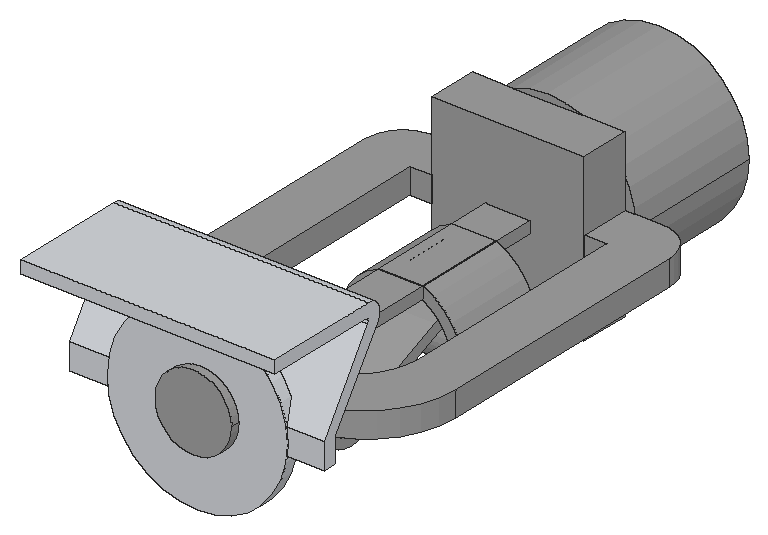
Revit family
Parameters (values of type "RASCO G HSW")
  Temperature Rating = 165 °F
  Response = (empty or 0)
  RASCO SIN # = "R1235"
  RASCO Part # = "GH1B"
  Pressure Rating = "175 PSI"
  Pressure Class = (empty or 0)
  Orifice Size = 1/2"
  Orifice = (empty or 0)
  Model = "G"
  Manufacturer = "RASCO"
  K-Factor = 5.62
  Description = "Brz. Finish"
  Coverage = (empty or 0)
Reference planes (in)
  plane 1 "Center (Front/Back)": y = 0
  plane 2: z = 0
  plane 3 "Center (Left/Right)": x = 0
Dimensions and locks (in)
  aligned and locked: plane 2 to level
Nested families (in)
  nested 1: "GH1B" at (0, -0.10618, -0.84707), type "RASCO G HSW"
Connectors (in)
  piping at (-0.0055, 1.33132, 0.59043)
    settings: on nested 1, index 1, connector radius 0.43", flow factor 0, pipe flow 0 GPM, pressure drop 0.00 psi, fitting loss kfactor 0, connector angle 0.00°, fixture units 0, flow configuration 0, flow direction 0, fitting loss method 0, system type 7, connector reference index -1, connector utility 0, adjustable connector no, is connector primary yes, fitting loss table "", connector description ""
Definition of nested family "GH1B"
  Parameters (values of type "RASCO G HSW")
    Type Comments = ""
    Temperature Rating = 0 °F
    Response = (empty or 0)
    Pressure Rating = "0"
    Pressure Class = (empty or 0)
    Orifice Size = 0"
    Orifice = (empty or 0)
    Model = ""
    Manufacturer = ""
    K-Factor = 0
    Description = ""
    Coverage = (empty or 0)
    Assembly Code = ""
  Reference planes (in)
    plane 1 "Center (Front/Back)": y = 0
    plane 2: z = 0
    plane 3: x = -0.38065
    plane 4: x = 0.36935
    plane 5 "center": x = -0.00574
  Forms (in)
    Extrusion 1, solid, material "Default"
      sketch origin (-0.0055, 1.4375, 1.4375) x (-1, 0, 0) y (0, 0, -1)
        loop
          circle (0, 0) r 0.438
      from 0 to 0.6875
    Extrusion 2, solid, material "Default"
      sketch origin (0.11634, 0.75, 1.38573) x (-1, 0, 0) y (0, 0, -1)
        loop
          line (-0.2588, 0.356) -> (-0.2588, -0.4565) -> (0.4912, -0.4565) -> (0.4912, 0.356) -> (-0.2588, 0.356)
      from 0 to 0.25
    Extrusion 3, solid, material "Default"
      sketch origin (-0.0055, 1.4375, 1.4375) x (-1, 0, 0) y (0, -1, 0)
        loop
          line (-0.49248, 0.9375) -> (-0.49248, 2.10276)
          arc (-0.49248, 2.10276) -> (-0.40724, 2.30855) -> (-0.20145, 2.39379) r 0.29103
          line (-0.20145, 2.39379) -> (0.18108, 2.39379)
          arc (0.18108, 2.39379) -> (0.38905, 2.30765) -> (0.47519, 2.09969) r 0.29411
          line (0.47519, 2.09969) -> (0.47519, 0.9375) -> (0.36935, 0.9375) -> (0.36935, 0.6875) -> (0.55741, 0.6875)
          arc (0.55741, 0.6875) -> (0.69165, 0.7431) -> (0.74725, 0.87734) r 0.18984
          line (0.74725, 0.87734) -> (0.74725, 2.19113)
          arc (0.74725, 2.19113) -> (0.61669, 2.50631) -> (0.3015, 2.63687) r 0.44574
          line (0.3015, 2.63687) -> (-0.30719, 2.63687)
          arc (-0.30719, 2.63687) -> (-0.62225, 2.50637) -> (-0.75275, 2.19131) r 0.44556
          line (-0.75275, 2.19131) -> (-0.75275, 0.87876)
          arc (-0.75275, 0.87876) -> (-0.69673, 0.74352) -> (-0.56149, 0.6875) r 0.19126
          line (-0.56149, 0.6875) -> (-0.38065, 0.6875) -> (-0.38065, 0.9375) -> (-0.49248, 0.9375)
      from -0.06402 to 0.06098
    Extrusion 4, solid, material "Default"
      sketch origin (-0.00352, -1, 1.4375) x (1, 0, 0) y (0, 0, 1)
        loop
          circle (0.00574, -0.00152) r 0.1875
      from -0.04371 to 0.4375
    Extrusion 5, solid, material "Default"
      sketch origin (-0.0055, 0.5, 1.4375) x (1, 0, 0) y (0, 0, 1)
        loop
          line (-0.10175, -0.02852) -> (0.11324, -0.02852) -> (0.11324, 0.03101) -> (-0.10175, 0.03101) -> (-0.10175, -0.02852)
      from 0 to 1.45629
    Extrusion 6, solid, material "Default"
      sketch origin (0.00024, 1.51287, 1.447) x (0, 1, 0) y (0, 0, 1)
        loop
          line (-2.39379, 0.21198) -> (-2.39379, -0.229)
          arc (-2.39379, -0.229) -> (-2.26956, -0.41579) -> (-2.04926, -0.37342) r 0.20254
          arc (-2.04926, -0.37342) -> (-1.6599, -0.16721) -> (-1.22163, -0.12207) r 1.15319
          line (-1.22163, -0.12207) -> (-1.22163, -0.07087)
          arc (-1.22163, -0.07087) -> (-1.6782, -0.11947) -> (-2.0834, -0.33544) r 1.20419
          arc (-2.0834, -0.33544) -> (-2.24878, -0.36919) -> (-2.34279, -0.229) r 0.15154
          line (-2.34279, -0.229) -> (-2.34279, 0.21198) -> (-2.39379, 0.21198)
      from -0.17255 to 0.17398
    Extrusion 7, solid, material "Default"
      sketch origin (-0.0055, 1.4375, 1.4375) x (-1, 0, 0) y (0, 0, -1)
        loop
          arc (0.23993, 0.23051) -> (0.19768, 0.11115) -> (0.10175, 0.02852) r 0.24647
          line (0.10175, 0.02852) -> (-0.11324, 0.02852)
          arc (-0.11324, 0.02852) -> (-0.21767, 0.12447) -> (-0.25194, 0.2621) r 0.24647
          line (-0.25194, 0.2621) -> (-0.25194, 0.40777) -> (-0.30719, 0.40777) -> (-0.30719, 0.25942)
          arc (-0.30719, 0.25942) -> (-0.25653, 0.08328) -> (-0.11324, -0.03101) r 0.30157
          line (-0.11324, -0.03101) -> (0.10175, -0.03101)
          arc (0.10175, -0.03101) -> (0.24461, 0.08262) -> (0.29574, 0.25785) r 0.30157
          line (0.29574, 0.25785) -> (0.29574, 0.40777) -> (0.23993, 0.40777) -> (0.23993, 0.23051)
      from 1.14626 to 1.59756
    Extrusion 8, solid, material "Default"
      sketch origin (0.00024, 1.51287, 1.447) x (0, 1, 0) y (0, 0, 1)
        loop
          circle (-1.44728, -0.26892) r 0.13147
      from -0.24568 to 0.24619
  Cuts and joins
    joined: Extrusion 1, Extrusion 2
  Nested families (in)
    nested 1: "RASCO- F56H1B" at (-0.00574, -0.39016, 0.17609), type "RASCO F156 HSW"
  Definition of nested family "RASCO- F56H1B"
    Parameters (values of type "RASCO F156 HSW")
      Type Comments = ""
      Temperature Rating = 0 °F
      Response = (empty or 0)
      Pressure Rating = "0"
      Pressure Class = (empty or 0)
      Orifice Size = 0"
      Orifice = (empty or 0)
      Model = ""
      Manufacturer = ""
      K-Factor = 0
      Description = ""
      Coverage = (empty or 0)
      Assembly Code = ""
    Reference planes (in)
      plane 1 "Center (Front/Back)": y = 0
      plane 2: z = 0
      plane 3 "ref.2": z = 0.6875
      plane 4 "ref.3": z = 0.9375
      plane 5: x = -0.38065
      plane 6: x = 0.36935
      plane 7 "ref. side 1": y = 0.06402
      plane 8 "ref. side 2": y = -0.06098
      plane 9 "ref.4": z = 1.875
      plane 10 "ref.5": z = 2.3125
      plane 11 "ref.6": z = 2.4375
      plane 12 "center": x = -0.00574
    Forms (in)
      Extrusion 1, solid
        sketch origin (-0.01236, -0.89954, 1.2504) x (-1, 0, 0) y (0, 0, 1)
          loop
            circle (-0.00574, -0.00152) r 0.44275
        from -0.10531 to -0.03987
      Extrusion 2, solid
        sketch origin (-0.00662, 1.2679, 1.26334) x (0, -1, 0) y (0, 0, 1)
          loop
            line (2.27263, -0.06402) -> (2.27263, 0.06098) -> (2.00466, 0.4658)
            arc (2.00466, 0.4658) -> (2.00382, 0.48409) -> (2.01953, 0.49348) r 0.01783
            line (2.01953, 0.49348) -> (2.57559, 0.49348) -> (2.57559, 0.55848) -> (2.00257, 0.55848)
            arc (2.00257, 0.55848) -> (1.94355, 0.52319) -> (1.9467, 0.4545) r 0.067
            line (1.9467, 0.4545) -> (2.20719, 0.06098) -> (2.20719, -0.06402) -> (2.27263, -0.06402)
        from -0.62515 to 0.62904
